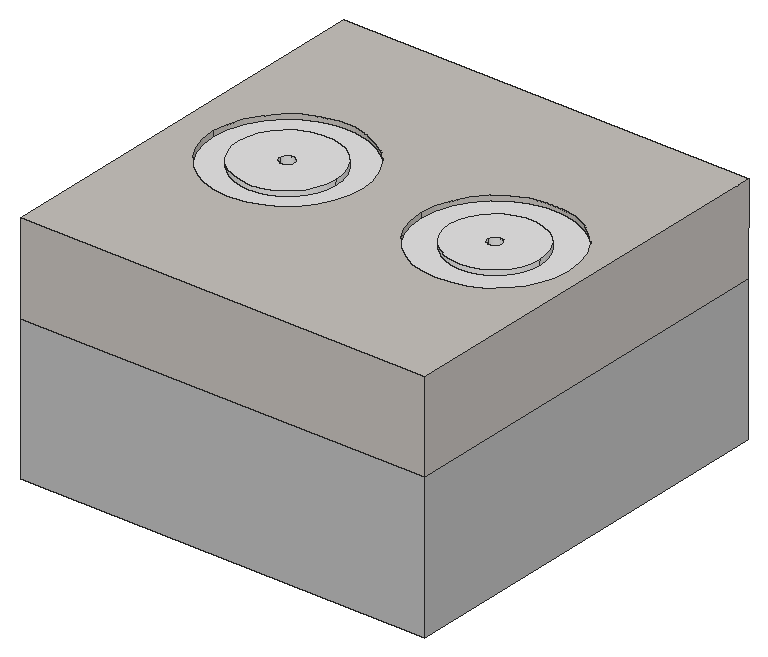
Revit family "Domotics-DomesticRanges-GEWISS-CHORUS_DATA-SOCKET-OUTLET_TV+SAT", category Apparecchi elettrici, host Superficie, Revit 2016
Family settings
  Host = Superficie
  Mantenere orientamento annotazione = Sì
  Tipo di parte = Normale
  Quota connettore circolare = Usa diametro
  Taglio con vuoti quando caricato = Sì
  Condiviso = Sì
  Punto di calcolo locali = Sì
Parameters (values of type "GW14383 - TV+SAT 2M SOCKET TITANIUM")
  finitura = GEWISS NERO
  Visibilità simbolo in pianta [instance] = yes
  Visibilità lampada [instance] = yes
  Version file RFA = "19.0"
  URL = "https://www.gewiss.com/ww/en"
  Tipo_ = CHORUS PRESE TV-FM : GW14383 Presa TV+SAT 2M titanio
  Technical sheet = "https://www.gewiss.com/ww/en/search?q=GW14383"
  Standard; = "EN 60728-4; IEC 61169-2; IEC 61169-24"
  SEO = "Socket outlet"
  Realized by GEWISS S.p.A. = ""
  Produttore = "GEWISS S.p.A."
  Offset_bidimensionale [instance] = 2 mm
  Default Elevation = 1219.2 mm
  Offset_lampada [instance] = 0 mm
  No. Chorus modules: = "2"
  Modello = "GW14383"
  Larghezza_lampada = 23 mm
  Immagine tipo = GW14383.jpg
  IFC.TypeObject = ""
  IFC.ExportType = ""
  IFC.ExportAs = ""
  IDT = "4ecf4403-10c6-4ac3-b6bb-b484be3363eb"
  IDF = "faab5151-17db-460e-8ecf-96d3666eb124"
  Electrocod = "0131                "
  EAN code = "8011564295025"
  Distanza_x [instance] = -2760 mm
  Distanza_effettiva_x [instance] = 1500 mm - Distanza_x  # 4260 mm
  Descrizione = "TV+SAT 2M SOCKET TITANIUM"
  Description: = "Direct"
  Description. = "TV/SAT socket-outlet"
  Connectors = "TV-SAT"
  Colour = "Titanium"
  Category = "TV/SAT socket-outlet"
  Catalogue Range = "CHORUS - DOMESTIC RANGE"
  Catalogue = "DOMOTICS"
  Case = "Pressure casting zamak metal body"
  Cable fixing = "With screw"
  COBie.Tagnumber = ""
  COBie.CreatedOn = ""
  COBie.CreatebBy = ""
  COBie.ComponentRegisterItemID = ""
  COBie.Component.TagNumber = ""
  COBie.Component.Space = ""
  COBie.Component.SerialNumber = ""
  COBie.Component.InstallationDate = ""
  COBie.Component.Description = ""
  COBie.Component.BarCode = ""
  Attenuation = "0 dB"
  Altezza_lampada = 45 mm
Types (3, lengths in mm): name | Tipo_ | Technical sheet | Modello | Immagine tipo | IDT | EAN code | Descrizione | Colour
  GW10383 - TV+SAT 2M SOCKET WHITE | CHORUS PRESE TV-FM : GW10383 Presa TV+SAT 2M bianco | "https://www.gewiss.com/ww/en/search?q=GW10383" | "GW10383" | GW10383.jpg | "b5ee9609-21a0-40c6-9537-29578871e8b8" | "8011564294950" | "TV+SAT 2M SOCKET WHITE" | "White"
  GW12383 - TV+SAT 2M SOCKET BLACK | CHORUS PRESE TV-FM : GW12383 Presa TV+SAT 2M nero | "https://www.gewiss.com/ww/en/search?q=GW12383" | "GW12383" | GW12383.jpg | "ec7d2e1e-f119-446d-89a8-2c30911d3a64" | "8011564294981" | "TV+SAT 2M SOCKET BLACK" | "Black"
  GW14383 - TV+SAT 2M SOCKET TITANIUM | CHORUS PRESE TV-FM : GW14383 Presa TV+SAT 2M titanio | "https://www.gewiss.com/ww/en/search?q=GW14383" | "GW14383" | GW14383.jpg | "4ecf4403-10c6-4ac3-b6bb-b484be3363eb" | "8011564295025" | "TV+SAT 2M SOCKET TITANIUM" | "Titanium"
Reference planes
  plane 1 "Centro (Fronte/Retro)": y = 0
  plane 2: z = 0
  plane 3 "Centro (Sinistra/Destra)": x = 0
  plane 4: x = -4260
  plane 5: x = 0
  plane 6: z = 0
  plane 7: z = 26
  plane 8 "bd": z = 28
Lines and regions (mm)
  model lines, style "ElectricalFixtures", detail levels coarse
    curve 1: circle (-10.381, -0.006, 28) r 0.981 normal (0, 0, 1)
    curve 2: circle (-10.381, -0.006, 28) r 7.727 normal (0, 0, 1)
    curve 3: circle (-10.381, -0.006, 28) r 5.011 normal (0, 0, 1)
    curve 4: circle (-10.381, -0.006, 28) r 8.46 normal (0, 0, 1)
    curve 5: circle (12.734, -0.006, 28) r 0.981 normal (0, 0, 1)
    curve 6: circle (12.734, -0.006, 28) r 7.727 normal (0, 0, 1)
    curve 7: circle (12.734, -0.006, 28) r 5.011 normal (0, 0, 1)
    curve 8: circle (12.734, -0.006, 28) r 8.46 normal (0, 0, 1)
    curve 9: line (23.5, -22.5, 28) -> (-22.5, -22.5, 28)
    curve 10: line (-22.5, -22.5, 28) -> (-22.5, 22.5, 28)
    curve 11: line (-22.5, 22.5, 28) -> (23.5, 22.5, 28)
    curve 12: line (23.5, 22.5, 28) -> (23.5, -22.5, 28)
    curve 13: line (-15.124, -11.666, 28) -> (-10.817, -11.666, 28)
    curve 14: line (-12.971, -11.666, 28) -> (-12.971, -16.861, 28)
    curve 15: line (-9.944, -11.666, 28) -> (-7.79, -16.861, 28)
    curve 16: line (-7.79, -16.861, 28) -> (-5.637, -11.666, 28)
    curve 17: line (8.111, -16.861, 28) -> (8.111, -11.666, 28)
    curve 18: line (8.111, -11.666, 28) -> (11.481, -11.666, 28)
    curve 19: line (8.111, -14.264, 28) -> (10.701, -14.264, 28)
    curve 20: line (17.358, -16.861, 28) -> (17.358, -11.666, 28)
    curve 21: line (17.358, -11.666, 28) -> (15.102, -16.396, 28)
    curve 22: line (15.102, -16.396, 28) -> (12.846, -11.666, 28)
    curve 23: line (12.846, -11.666, 28) -> (12.846, -16.861, 28)
  model lines, style "ElectricalFixtures", not visible, detail levels coarse
    curve 24: circle (58.35, 40.197, 48) r 0.981 normal (0, 0, 1)
    curve 25: circle (58.35, 40.197, 48) r 7.727 normal (0, 0, 1)
    curve 26: circle (58.35, 40.197, 48) r 5.011 normal (0, 0, 1)
    curve 27: circle (58.35, 40.197, 48) r 8.46 normal (0, 0, 1)
    curve 28: circle (81.465, 40.197, 48) r 0.981 normal (0, 0, 1)
    curve 29: circle (81.465, 40.197, 48) r 7.727 normal (0, 0, 1)
    curve 30: circle (81.465, 40.197, 48) r 5.011 normal (0, 0, 1)
    curve 31: circle (81.465, 40.197, 48) r 8.46 normal (0, 0, 1)
    curve 32: line (92.23, 17.703, 48) -> (46.23, 17.703, 48)
    curve 33: line (46.23, 17.703, 48) -> (46.23, 62.703, 48)
    curve 34: line (46.23, 62.703, 48) -> (92.23, 62.703, 48)
    curve 35: line (92.23, 62.703, 48) -> (92.23, 17.703, 48)
    curve 36: line (53.607, 28.537, 48) -> (57.913, 28.537, 48)
    curve 37: line (55.76, 28.537, 48) -> (55.76, 23.342, 48)
    curve 38: line (58.787, 28.537, 48) -> (60.94, 23.342, 48)
    curve 39: line (60.94, 23.342, 48) -> (63.093, 28.537, 48)
    curve 40: line (76.842, 23.342, 48) -> (76.842, 28.537, 48)
    curve 41: line (76.842, 28.537, 48) -> (80.212, 28.537, 48)
    curve 42: line (76.842, 25.939, 48) -> (79.432, 25.939, 48)
    curve 43: line (86.088, 23.342, 48) -> (86.088, 28.537, 48)
    curve 44: line (86.088, 28.537, 48) -> (83.832, 23.807, 48)
    curve 45: line (83.832, 23.807, 48) -> (81.576, 28.537, 48)
    curve 46: line (81.576, 28.537, 48) -> (81.576, 23.342, 48)
Dimensions and locks
  plane 4 to plane 3 "Centro (Sinistra/Destra)" = 4260 mm
  "Distanza_effettiva_x": plane 4 to plane 5
  "Offset_lampada": plane 6 to host face
  locked: plane 7 to plane 6 at 26
  "Offset_bidimensionale": plane 8 "bd" to plane 7
  aligned and locked: plane 2 to host face
  aligned and locked: level to host face
  aligned and locked: plane 1 "Centro (Fronte/Retro)" to nested 1
  aligned and locked: plane 5 to nested 1
  aligned and locked: nested 1 to plane 6
  aligned and locked: plane 8 "bd" to curve 9
  aligned and locked: curve 10 to nested 1
  aligned and locked: curve 9 to nested 1
Automatic sketch dimensions
  host sketch curve to host sketch curve = 2438.4 mm  (x2)
Nested families
  nested 1: "CHORUS PRESE TV-FM" at (0, 0, 0), visible <- "Visibilità lampada", type <- "Tipo_", type "GW14383 Presa TV+SAT 2M titanio", detail levels medium+fine
    with Spostamento_y_effettivo_etichetta 1000 mm, Spostamento_X_etichetta 0 mm, Spostamento_X_effettivo_etichetta 1000 mm, Cornice simbolo yes, L_modulo 45 mm, H_modulo 45 mm
  nested 2: "simb_TVFM" at (0, 209.005, 0), SIMBOLO <- "Visibilità simbolo in pianta", type "simb_TVFM"
Definition of nested family "CHORUS PRESE TV-FM"
  Parameters (values of type "tipo 1")
    Spostamento_y_effettivo_etichetta [instance] = 1000 mm
    Spostamento_X_etichetta [instance] = 0 mm
    Spostamento_X_effettivo_etichetta [instance] = 1000 mm - Spostamento_X_etichetta  # 1000 mm
    Default Elevation = 1219.2 mm
    Manufacturer = ""
    Model = ""
    Materiale = none
    L_modulo = 50 mm
    H_modulo = 54 mm
    Type Image = (empty or 0)
    IFC.TypeObject = ""
    IFC.ExportType = ""
    IFC.ExportAs = ""
    Description = ""
    Cornice simbolo [instance] = yes
    Type Comments = ""
    COBie.CreatedOn = ""
    COBie.CreatebBy = ""
    COBie.ComponentRegisterItemID = ""
    COBie.Component.TagNumber = ""
    COBie.Component.Space = ""
    COBie.Component.SerialNumber = ""
    COBie.Component.InstallationDate = ""
    COBie.Component.Description = ""
    COBie.Component.BarCode = ""
    Base = 16 mm
    BA = 1267 mm  # constant formula
  Reference planes
    plane 1 "Centro (Fronte/Retro)": y = 0
    plane 2: z = 0
    plane 3 "Centro (Sinistra/Destra)": x = 0
    plane 4: y = 27
    plane 5: y = -27
    plane 6: z = 16
    plane 7: x = -25
    plane 8: x = 25
    plane 9 "fro": z = 26
    plane 10: z = 21.373
    plane 11: x = -10.778
    plane 12: x = 12.337
    plane 13: z = 25.5
    plane 14: through (-25, 27, 1200) normal (0.4848, -0.8746, 0)
    plane 15: through (94.514, 1.179, 1200) normal (-0.2112, -0.9774, 0)
    plane 16: through (-93.011, -1524, -27.5) normal (-0.6293, 0, 0.7771)
    plane 17: through (-51.109, -1524, 46.673) normal (0.4848, 0, 0.8746)
  Forms (mm)
    Extrusion 1, solid, material <- "Materiale"
      sketch origin (0, 0, 26) x (-1, 0, 0) y (0, -1, 0)
        loop
          line (25, -27) -> (25, 27) -> (-25, 27) -> (-25, -27) -> (25, -27)
      from -10 to 0
    Extrusion 2, solid
      sketch origin (0, 0, 26) x (-1, 0, 0) y (0, -1, 0)
        loop
          line (-25, 27) -> (-25, -27) -> (25, -27) -> (25, 27) -> (-25, 27)
      from -26 to -10
    Extrusion 3, void
      sketch origin (0, 0, 26) x (-1, 0, 0) y (0, -1, 0)
        loop
          circle (10.778, 0) r 8.273
        loop
          circle (-12.337, 0) r 8.273
      from -4.627 to 0
    Extrusion 4, solid
      sketch origin (0, 0, 26) x (-1, 0, 0) y (0, -1, 0)
        loop
          circle (10.778, 0) r 8.273
        loop
          circle (10.778, 0) r 5.432
        loop
          circle (-12.337, 0) r 8.273
        loop
          circle (-12.337, 0) r 5
      from -4.627 to -0.5
    Extrusion 5, solid
      sketch origin (0, 0, 26) x (-1, 0, 0) y (0, -1, 0)
        loop
          circle (10.778, 0) r 5.432
        loop
          circle (-12.337, 0) r 5
      from -4.627 to 0
    Extrusion 6, void
      sketch origin (0, 0, 26) x (-1, 0, 0) y (0, -1, 0)
        loop
          circle (10.778, 0) r 0.812
        loop
          circle (-12.337, 0) r 0.783
      from -4.627 to 0
  Cuts and joins
    Extrusion 3 cuts Extrusion 1
    Extrusion 6 cuts Extrusion 5
  Lines and regions (mm)
    model lines
      curve 1: line (-16.236, -13.097, 26) -> (-11.93, -13.097, 26)
      curve 2: line (-14.083, -13.097, 26) -> (-14.083, -18.293, 26)
      curve 3: line (-11.056, -13.097, 26) -> (-8.903, -18.293, 26)
      curve 4: line (-8.903, -18.293, 26) -> (-6.75, -13.097, 26)
      curve 5: line (6.999, -18.293, 26) -> (6.999, -13.097, 26)
      curve 6: line (6.999, -13.097, 26) -> (10.369, -13.097, 26)
      curve 7: line (6.999, -15.695, 26) -> (9.589, -15.695, 26)
      curve 8: line (16.245, -18.293, 26) -> (16.245, -13.097, 26)
      curve 9: line (16.245, -13.097, 26) -> (13.989, -17.828, 26)
      curve 10: line (13.989, -17.828, 26) -> (11.733, -13.097, 26)
      curve 11: line (11.733, -13.097, 26) -> (11.733, -18.293, 26)
    model lines, not visible
      curve 12: line (-16.236, -13.097, 26) -> (-11.93, -13.097, 26)
      curve 13: line (-14.083, -13.097, 26) -> (-14.083, -18.293, 26)
      curve 14: line (-11.056, -13.097, 26) -> (-8.903, -18.293, 26)
      curve 15: line (-8.903, -18.293, 26) -> (-6.75, -13.097, 26)
      curve 16: line (6.999, -18.293, 26) -> (6.999, -13.097, 26)
      curve 17: line (6.999, -13.097, 26) -> (10.369, -13.097, 26)
      curve 18: line (6.999, -15.695, 26) -> (9.589, -15.695, 26)
      curve 19: line (16.245, -18.293, 26) -> (16.245, -13.097, 26)
      curve 20: line (16.245, -13.097, 26) -> (13.989, -17.828, 26)
      curve 21: line (13.989, -17.828, 26) -> (11.733, -13.097, 26)
      curve 22: line (11.733, -13.097, 26) -> (11.733, -18.293, 26)
  Text (mm)
    text "B=C*A" at (54.401, 20.009, 0), in view "Livello rif."
  Dimensions and locks
    equal spacing: plane 4, plane 1 "Centro (Fronte/Retro)", plane 5
    "H_modulo": plane 4 to plane 5
    equal spacing: plane 7, plane 3 "Centro (Sinistra/Destra)", plane 8
    "L_modulo": plane 7 to plane 8
    locked: plane 9 "fro" to plane 6 at 10
    "Base": plane 6 to plane 2
    locked: plane 9 "fro" to plane 10 at 4.627
    radius of Extrusion 4 sketch curve = 8.273 mm
    radius of Extrusion 4 sketch curve = 5.432 mm
    angle plane 14 to plane 5 = 151.00°
    angle plane 4 to plane 15 = 167.809°
    angle plane 1 "Centro (Fronte/Retro)" to plane 15 = 167.809°
    angle plane 17 to plane 2 = 29.00°
    angle level to plane 17 = 151.00°
    angle plane 16 to level = 141.00°
    aligned and locked: level to plane 2
    aligned and locked: Extrusion 1 sketch curve to plane 7
    aligned and locked: Extrusion 1 sketch curve to plane 8
    aligned and locked: Extrusion 1 sketch curve to plane 4
    aligned and locked: Extrusion 1 sketch curve to plane 5
    aligned and locked: plane 6 to Extrusion 1
    aligned and locked: plane 9 "fro" to Extrusion 1
    aligned and locked: Extrusion 2 sketch curve to plane 8
    aligned and locked: Extrusion 2 sketch curve to plane 5
    aligned and locked: Extrusion 2 sketch curve to plane 4
    aligned and locked: Extrusion 2 sketch curve to plane 7
    aligned and locked: Extrusion 2 to plane 2
    aligned and locked: Extrusion 2 to plane 6
    aligned and locked: plane 11 to Extrusion 3 sketch curve
    aligned and locked: plane 12 to Extrusion 3 sketch curve
    aligned and locked: plane 1 "Centro (Fronte/Retro)" to Extrusion 3 sketch curve  (x2)
    aligned and locked: Extrusion 3 to plane 10
    aligned and locked: plane 9 "fro" to Extrusion 3
    aligned and locked: Extrusion 4 to plane 10
    aligned and locked: plane 13 to Extrusion 4
    aligned and locked: Extrusion 5 to plane 10
    aligned and locked: plane 9 "fro" to Extrusion 5
    aligned and locked: Extrusion 6 to plane 10
    aligned and locked: plane 9 "fro" to Extrusion 6
    aligned and locked: plane 9 "fro" to cut or joined group of Extrusion 5, Extrusion 6
  Automatic sketch dimensions
    Extrusion 4 sketch curve to Extrusion 4 sketch curve = 0 mm  (x4)
    plane 1 "Centro (Fronte/Retro)" to Extrusion 4 sketch curve = 0 mm  (x2)
    Extrusion 4 sketch curve to plane 12 = 0 mm
    Extrusion 4 sketch curve to plane 11 = 0 mm
    plane 1 "Centro (Fronte/Retro)" to Extrusion 5 sketch curve = 0 mm  (x2)
    Extrusion 5 sketch curve to plane 12 = 0 mm
    Extrusion 5 sketch curve to plane 11 = 0 mm
    plane 1 "Centro (Fronte/Retro)" to Extrusion 6 sketch curve = 0 mm  (x2)
    Extrusion 6 sketch curve to plane 12 = 0 mm
    Extrusion 6 sketch curve to plane 11 = 0 mm
    radius of Extrusion 3 sketch curve = 8.273 mm  (x2)
    radius of Extrusion 4 sketch curve = 8.273 mm
    radius of Extrusion 4 sketch curve = 5 mm
    radius of Extrusion 5 sketch curve = 5.432 mm
    radius of Extrusion 5 sketch curve = 5 mm
    radius of Extrusion 6 sketch curve = 0.812 mm
    radius of Extrusion 6 sketch curve = 0.783 mm
Definition of nested family "simb_TVFM"
  Parameters (values of type "simb_TVFM")
    SIMBOLO [instance] = yes
    Distanza dal muro [instance] = 4.208 mm
    BORDO ACCESO [instance] = yes
  Reference planes
    plane 1: y = 0
    plane 2: x = 0
  Lines and regions (mm)
    detail lines, visible <- "BORDO ACCESO"
      curve 1: line (4.277, 0, 0) -> (-3.991, 0, 0)
      curve 2: line (-3.991, 0, 0) -> (-3.991, 5.414, 0)
      curve 3: line (-3.991, 5.414, 0) -> (4.277, 5.414, 0)
      curve 4: line (4.277, 5.414, 0) -> (4.277, 0, 0)
    detail lines, visible <- "SIMBOLO"
      curve 5: line (2.274, 2.707, 0) -> (2.274, 1.065, 0)
      curve 6: line (0.632, 4.349, 0) -> (0.632, 2.707, 0)
      curve 7: line (0.632, 2.707, 0) -> (3.916, 2.707, 0)
      curve 8: line (3.916, 2.707, 0) -> (3.916, 4.349, 0)
      curve 9: line (-1.988, 2.707, 0) -> (-1.988, 1.065, 0)
      curve 10: line (-0.346, 4.349, 0) -> (-0.346, 2.707, 0)
      curve 11: line (-0.346, 2.707, 0) -> (-3.63, 2.707, 0)
      curve 12: line (-3.63, 2.707, 0) -> (-3.63, 4.349, 0)
  Text (mm)
    text "TV" at (3.311, 2.792, 0), visible <- "SIMBOLO"
    text "FM" at (-0.951, 2.792, 0), visible <- "SIMBOLO"
